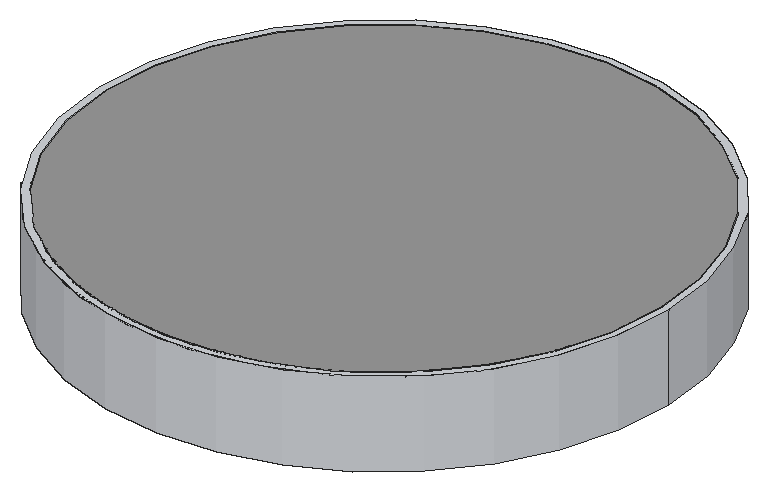
Revit family "2071152", category Lighting Fixtures, host Face, Revit 2018
Family settings
  Host = Face
  Round Connector Dimension = Use Diameter
  Part Type = Normal
  OmniClass Number = 23.80.70.00
  OmniClass Title = Lighting
  Cut with Voids When Loaded = No
  Light Source = Yes
  Shared = No
  Room Calculation Point = No
Parameters (values of type "2071152 COLOSSAL 400 940 OP DIR+H WHT EM")
  iner diameter = 390 mm
  Weight = "n/a"
  Wattage Comments = ""
  Wattage = 30 W
  WarrantyStartDate [instance] = "n/a"
  WarrantyGuarantorParts = "n/a"
  WarrantyDurationUnit = "n/a"
  WarrantyDurationParts = ""
  WarrantyDescription = "http://www.sylvania-lighting.com"
  built-in parameter 1150110 = 1 (stored number, unit not read)
  Voltage = 230 V
  URL = "0.95"
  TypeName = "COLOSSAL 400mm 940 OPAL DIR+HAL WHITE EM"
  Type Image = <None>
  Type Comments = "n/a"
  built-in parameter 1114217 = 1 (stored number, unit not read)
  Tilt Angle = -90.00°
  built-in parameter 1150109 = 1 (stored number, unit not read)
  built-in parameter 1150134 = (empty or 0)
  built-in parameter 1150113 = 1 (stored number, unit not read)
  SerialNumber [instance] = "n/a"
  Photometric Web File = "2071152.ies"
  Material_3_SYL = LED-Sylvania
  PowerFactor = 0
  PowerConsumption = "Lighting"
  NominalLength = 400 mm
  NominalHeight = 93 mm
  NominalDepth = 400 mm
  Name = "COLOSSAL 400mm 940 OPAL DIR+HAL WHITE EM"
  ModelReference = Name  # "COLOSSAL 400mm 940 OPAL DIR+HAL WHITE EM"
  ModelNumber = "2071152"
  Model = Name  # "COLOSSAL 400mm 940 OPAL DIR+HAL WHITE EM"
  Material = "Feilo Sylvania"
  ManufacturerName = "108 lm/W"
  Manufacturer = ""
  LuminousEfficacy = ""
  built-in parameter 1150105 = 270.44 (stored number, unit not read)
  Lumens = 3398.4 lm
  LuminaireType = "0"
  built-in parameter 1150115 = 1 (stored number, unit not read)
  LightOutputRatio = "LED"
  built-in parameter 1150137 = (empty or 0)
  built-in parameter 1150139 = (empty or 0)
  LampsType = Lamp  # "n/a"
  LampNominalLuminous = "4000 K"
  LampMacAdamStep = "90"
  LampColourTemperature = "LED"
  LampColourRenderingIndex = "16500"
  built-in parameter 1150112 = 1 (stored number, unit not read)
  built-in parameter 1150114 = 1 (stored number, unit not read)
  Lamp = "n/a"
  Keynote = "n/a"
  InstallationDate [instance] = "n/a"
  InputVoltage = "0"
  InputNominalFrequency = "4000"
  built-in parameter 1150132 = (empty or 0)
  built-in parameter 1150102 = (empty or 0)
  built-in parameter 1150107 = 3000 (stored number, unit not read)
  built-in parameter 1150138 = (empty or 0)
  IngressProtection = "IfcLightFixtureType"
  ImpactProtectionIndex = "IfcLightFixtureType"
  built-in parameter 1150106 = 2.7044 (stored number, unit not read)
  IfcExportType = "IfcLightFixtureType"
  IfcExportAs = "Class I"
  Emit from Circle Diameter = 385 mm
  Emit Shape Visible in Rendering = no
  ElectricShockClassification = "108"
  built-in parameter 1150104 = 10.524 (stored number, unit not read)
  DocumentationLiterature = "http://www.sylvania-lighting.com/product/en-int/products/2071152"
  DimmingControlOptions = "n/a"
  Material_2_SYL = Polycarbonate_Sylvania_White
  Dimming Lamp Color Temperature Shift = <None>
  Description = "400mm diameter circular architectural luminaire, can be surface mounted or suspended. Powder coated aluminium housing (RAL9016) with polycarbonate opal diffuser. Direct/indirect (halo) light distribution, 2280lm luminuous flux, 21.2W system power, 108lm/W luminiaire efficacy. Constant current driver. 3 hours integrated emergency. Colour rendering index Ra >90, 4000K Neutral White LED, chromaticity tolerance of 3-step MacAdam ellipse. IP40, IK03. 450mA drive current. Electrical protection Class1, 220-240V. Reported lifetime 66k hours L90B10."
  Default Elevation = 1219.2 mm
  CreatedOn = "22/03/2022"
  CreatedBy = "@sylvania-lighting.com"
  Cost = 0
  Color Filter = 16777215
  built-in parameter 1114216 [instance] = (empty or 0)
  ClassificationValue = "EF_70_80"
  ClassificationName = "Uniclass2015"
  Material_1_SYL = Polycarbonate_Sylvania_Opal
  BarCode [instance] = "n/a"
  built-in parameter 1114218 = 1 (stored number, unit not read)
  built-in parameter 1150133 = 10 (stored number, unit not read)
  AssetType = "Fixed"
  AssetIdentifier [instance] = "n/a"
  Assembly Code = "D5020200"
  Apparent Load = 21.2 VA
  Material_4_SYL = none
Reference planes
  plane 1 "Center (Front/Back)": y = 0
  plane 2: z = 0
  plane 3 "Center (Left/Right)": x = 0
  plane 4: x = -200
  plane 5: x = 200
  plane 6: y = 200
  plane 7: y = -200
  plane 8: y = 236
  plane 9: y = -236
  plane 10: z = 93
  plane 11: y = 195
  plane 12: y = -195
  plane 13: y = 90.5
  plane 14: y = 144.5
  plane 15: through (52.25, 90.5, 1219.2) normal (0.866, 0.5, 0)
  plane 16: through (52.25, 90.5, 1219.2) normal (0.866, 0.5, 0)
  plane 17: through (63.706, 126.657, 1219.2) normal (0.866, 0.5, 0)
  plane 18: through (-104.5, 0, 1219.2) normal (-0.866, 0.5, 0)
  plane 19: through (-142.394, -9.633, 1219.2) normal (-0.866, 0.5, 0)
  plane 20: y = -90.5
  plane 21: y = -118.5
  plane 22: through (85.371, -141.133, 1219.2) normal (-0.866, 0.5, 0)
  plane 23: through (52.25, -90.5, 1219.2) normal (-0.866, 0.5, 0)
  plane 24: through (-161.658, 0, 1219.2) normal (0.866, 0.5, 0)
  plane 25: through (-172.12, 9.121, 1219.2) normal (0.866, 0.5, 0)
  plane 26: through (-104.5, 0, 1219.2) normal (0.866, 0.5, 0)
Forms (mm)
  Extrusion 1, solid, detail levels medium+fine
    sketch origin (0, 0, 0) x (1, 0, 0) y (0, 1, 0)
      loop
        circle (0, 0) r 200
    from 33.023 to 93
  Extrusion 2, void
    sketch origin (0, 0, 0) x (1, 0, 0) y (0, 1, 0)
      loop
        circle (0, 0) r 195
    from 93 to 37.292
  Extrusion 3, solid, material "Glass, White, High Luminance", detail levels fine
    sketch origin (0, 0, 0) x (1, 0, 0) y (0, 1, 0)
      loop
        circle (0, 0) r 195
    from 88.026 to 93
  Extrusion 4, solid, detail levels coarse
    sketch origin (0, 0, 0) x (1, 0, 0) y (0, 1, 0)
      loop
        line (-200, 200) -> (-200, -200) -> (200, -200) -> (200, 200) -> (-200, 200)
    from 0 to 93
  Blend 5, solid, detail levels medium+fine
    base sketch origin (0, 0, 0) x (1, 0, 0) y (0, 1, 0)
      loop
        line (-52.25, 90.5) -> (-104.5, 0) -> (-52.25, -90.5) -> (52.25, -90.5) -> (104.5, 0) -> (52.25, 90.5) -> (-52.25, 90.5)
    top sketch origin (0, 0, 0) x (1, 0, 0) y (0, 1, 0)
      loop
        line (-53.405, 144.5) -> (-149.245, -21.5) -> (-93.242, -118.5) -> (98.438, -118.5) -> (151.843, -26) -> (53.405, 144.5) -> (-53.405, 144.5)
    from 0 to 33.023
Cuts and joins
  Extrusion 2 cuts Extrusion 1
Dimensions and locks
  "NominalDepth": plane 6 to plane 7
  "NominalLength": plane 4 to plane 5
  equal spacing: plane 4, plane 3 "Center (Left/Right)", plane 5
  "iner diameter": plane 11 to plane 12
  equal spacing: plane 11, plane 1 "Center (Front/Back)", plane 12
  equal spacing: plane 6, plane 1 "Center (Front/Back)", plane 7
  "NominalHeight": plane 10 to level
  plane 19 to plane 18 = 28 mm
  radius of Extrusion 2 sketch curve = 195 mm
  aligned and locked: plane 2 to host face
  aligned and locked: level to host face
Automatic sketch dimensions
  host sketch curve to host sketch curve = 2438.4 mm  (x2)
  plane 1 "Center (Front/Back)" to Extrusion 1 sketch curve = 0 mm
  Extrusion 1 sketch curve to plane 3 "Center (Left/Right)" = 0 mm
  plane 1 "Center (Front/Back)" to Extrusion 2 sketch curve = 0 mm
  Extrusion 2 sketch curve to plane 3 "Center (Left/Right)" = 0 mm
  plane 1 "Center (Front/Back)" to Extrusion 3 sketch curve = 0 mm
  Extrusion 3 sketch curve to plane 3 "Center (Left/Right)" = 0 mm
  Extrusion 4 sketch curve to plane 4 = 0 mm
  Extrusion 4 sketch curve to plane 5 = 0 mm
  Extrusion 4 sketch curve to plane 7 = 0 mm
  Extrusion 4 sketch curve to plane 6 = 0 mm
  Blend 5 sketch curve to plane 19 = 0 mm  (x2)
  Blend 5 sketch curve to plane 24 = 0 mm  (x2)
  Blend 5 sketch curve to plane 21 = 0 mm
  Blend 5 sketch curve to plane 14 = 0 mm
  Blend 5 sketch curve to plane 17 = 0 mm  (x2)
  Blend 5 sketch curve to plane 22 = 0 mm  (x2)
  radius of Extrusion 1 sketch curve = 200 mm
  radius of Extrusion 3 sketch curve = 195 mm
Connectors
  electrical at (0, 0, 0), driven by "Apparent Load", driven by "PowerFactor", driven by "Voltage"
    settings: index 1, voltage 230 V, apparent load 21.2 VA, apparent load phase1 0 VA, apparent load phase2 0 VA, apparent load phase3 0 VA, power factor 0, load classification "Lighting", number of poles 1, system type 30, power factor state 1, is connector primary yes, connector utility no, sub classification motor no, connector description ""
